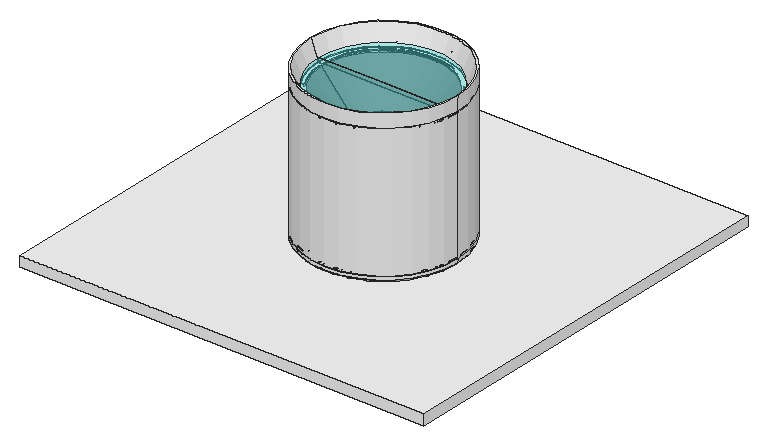
Revit family "BE_24710_de_DE", category Leuchten, Revit 2020
Family settings
  Basisbauteil = Fläche
  Bemaßung runder Anschluss = Durchmesser verwenden
  Teiletyp = Normal
  Beim Laden mit Abzugskörper schneiden = Ja
  Lichtquelle = Ja
  Gemeinsam genutzt = Nein
  Raumberechnungspunkt = Ja
Parameters (values of type "BEGA_24710_Weiß_K4")
  built-in parameter 1150104 = 15.274 (stored number, unit not read)
  Wattage = 17.7 W
  Default Elevation = 0 mm
  built-in parameter 1150113 = 1 (stored number, unit not read)
  built-in parameter 1114218 = 1 (stored number, unit not read)
  Umgebungstemperatur = "25 °C"
  URL = "https://www.bega.com/de/produkt/24710"
  Typenkommentare = "© 2022 BEGA. Wir behalten uns das Recht vor, technische Änderungen ohne vorherige Ankündigung vorzunehmen."  # constant formula
  built-in parameter 1150134 = 12
  built-in parameter 1150109 = 1 (stored number, unit not read)
  Strom = ""
  built-in parameter 1150110 = 1 (stored number, unit not read)
  Spannung = 239.996 V
  Sonderanfertigung = no
  Seriennummer [instance] = "Hier können Sie die eindeutige Seriennummer für das Facility Management eintragen."
  Schutzklasse = "I"
  Schutzart = "IP 65"
  Scheinlast = 0 VA
  Produktdatenblatt = "https://cdn.bega.com/bega/products/24710WK3/current/documents/data-sheets/de"
  Oberflächentemperatur = ""
  Neigungswinkel = 0.00°
  Modell = "24710WK4"
  Material_18 = BEGA_Gummi_schwarz
  Material_17 = BEGA_Reflektor
  Material_15 = BEGA_Leuchtmedium_matt
  Material_11 = BEGA_Glas_opal
  Material_09 = BEGA_Glas_klar
  Material_06 = BEGA_Oberfläche_Edelstahl_gebürstet
  Material_03 = BEGA_Oberfläche_Weiss_matt
  Material_01 [instance] = BEGA_Oberfläche_Grafit_matt
  M_W = yes
  M_G = no
  Logo = 0
  built-in parameter 1114217 = 1 (stored number, unit not read)
  built-in parameter 1150139 = (empty or 0)
  built-in parameter 1150105 = 231.57 (stored number, unit not read)
  built-in parameter 1150114 = 1 (stored number, unit not read)
  Lumens = 2910.06 lm
  built-in parameter 1150115 = 1 (stored number, unit not read)
  Leuchtenlichtstrom = "2081 lm"
  Leuchtenanzahl = ""
  Lebensdauerkriterien = "L70B50 @ 25 °C = 200000 h"
  Lastklassifizierung = Beleuchtung
  built-in parameter 1150112 = 1 (stored number, unit not read)
  Lampenlichtstrom = "2910 lm"
  Lampe = "LED 17.7 W"
  LED_Modulbezeichnung = "LED-1145/840"
  Hersteller = "BEGA"  # constant formula
  Halbstreuwinkel = ""
  Gewicht = "1.9 kg"
  Gebrauchslageneinschränkung [instance] = ""
  Frequenz = "0/50-60 Hz"
  Farbwiedergabeindex = "CRI > 80"
  Farbtemperaturverschiebung bei Dämpfen der Lampe = <Keine Auswahl>
  Farbtemperatur = "4000 K"
  Color Filter = 16777215
  built-in parameter 1150133 = 10 (stored number, unit not read)
  Energieeffizienzklasse = "LED A++ - A"
  built-in parameter 1150137 = (empty or 0)
  built-in parameter 1150132 = (empty or 0)
  ENEC = ""
  Dimmbar [instance] = "DALI"
  Datei für fotometrisches Netz = "BE_24710K4_Flood.ies"
  CE_Konformität = "ja"
  Bestellnummer = "24710WK4"
  Beschreibung_Sonderanfertigung = "Hier können Sie Informationen zur Sonderanfertigung eintragen."
  Beschreibung = "Kompakttiefstrahler mit Zoom-Optik"
  built-in parameter 1150106 = 2.3157 (stored number, unit not read)
  Befestigungsbohrung = "Ø 4,5 mm"
  Befestigungsabstand = "123 mm"
  Ballwurfsicher = ""
  Anschlussleitung = ""
  Anschlussleistung [instance] = "20.5 W"
  Anschlusskasten = ""
  built-in parameter 1150107 = 4000 (stored number, unit not read)
  built-in parameter 1150102 = (empty or 0)
  built-in parameter 1150138 = (empty or 0)
  Aktualisierung = "2022-08-19T04:00:06"
  Abstand_zur_angestrahlten_Fläche [instance] = ""
  AC/DC = "AC/DC"
Types (4, lengths in mm): name | built-in parameter 1150104 | built-in parameter 1150134 | Modell | M_W | M_G | built-in parameter 1150105 | Lumens | Leuchtenlichtstrom | Lampenlichtstrom | LED_Modulbezeichnung | Farbtemperatur | Datei für fotometrisches Netz | Bestellnummer | built-in parameter 1150106 | built-in parameter 1150107
  BEGA_24710_Weiß_K3 | 14.539 (stored number, unit not read) | (empty or 0) | "24710WK3" | yes | no | 220.43 (stored number, unit not read) | 2770.05 lm | "1981 lm" | "2770 lm" | "LED-1145/830" | "3000 K" | "BE_24710K3_Flood.ies" | "24710WK3" | 2.2043 (stored number, unit not read) | 3000 (stored number, unit not read)
  BEGA_24710_Weiß_K4 | 15.274 (stored number, unit not read) | 12 | "24710WK4" | yes | no | 231.57 (stored number, unit not read) | 2910.06 lm | "2081 lm" | "2910 lm" | "LED-1145/840" | "4000 K" | "BE_24710K4_Flood.ies" | "24710WK4" | 2.3157 (stored number, unit not read) | 4000 (stored number, unit not read)
  BEGA_24710_Grafit_K3 | 14.539 (stored number, unit not read) | (empty or 0) | "24710K3" | no | yes | 220.43 (stored number, unit not read) | 2770.05 lm | "1981 lm" | "2770 lm" | "LED-1145/830" | "3000 K" | "BE_24710K3_Flood.ies" | "24710K3" | 2.2043 (stored number, unit not read) | 3000 (stored number, unit not read)
  BEGA_24710_Grafit_K4 | 15.274 (stored number, unit not read) | 12 | "24710K4" | no | yes | 231.57 (stored number, unit not read) | 2910.06 lm | "2081 lm" | "2910 lm" | "LED-1145/840" | "4000 K" | "BE_24710K4_Flood.ies" | "24710K4" | 2.3157 (stored number, unit not read) | 4000 (stored number, unit not read)
Reference planes
  plane 1 "Mitte (Vorne/Hinten)": y = 0
  plane 2: z = 0
  plane 3 "Mitte (Links/Rechts)": x = 0
  plane 4 "Links": x = -73.5
  plane 5 "Rechts": x = 73.5
  plane 6 "Unten": y = -73.5
  plane 7 "Oben": y = 73.5
  plane 8 "Vorne": z = 149.6
  plane 9 "Hinten": z = 0
Forms (mm)
  Extrusion 1, solid, material "BEGA_Platte_Weiss"
    sketch origin (0, -1119.2, 0) x (1, 0, 0) y (0, 1, 0)
      loop
        line (-200, 1319.2) -> (-200, 919.2) -> (200, 919.2) -> (200, 1319.2) -> (-200, 1319.2)
    from 0 to -10
  Extrusion 2, solid, material "BEGA_Dummy_matt", not visible
    sketch origin (77.149, -76.023, 0) x (1, 0, 0) y (0, 1, 0)
      loop
        circle (-77.149, 76.023) r 73.5
    from 0 to 25.379
Dimensions and locks
  plane 1 "Mitte (Vorne/Hinten)" to Extrusion 1 = 200 mm
  aligned and locked: Extrusion 1 to plane 2
  aligned and locked: level to Extrusion 1
Nested families
  nested 1: "BE_24710" at (0, 0, 0), type "BE_24710"
Connectors
  electrical at (0, 0, 0), driven by "Lastklassifizierung", driven by "Spannung", driven by "Scheinlast"
    settings: index 1, voltage 239.996 V, apparent load 0 VA, apparent load phase1 0 VA, apparent load phase2 0 VA, apparent load phase3 0 VA, power factor 1, load classification "Beleuchtung", number of poles 1, system type 31, power factor state 1, is connector primary yes, connector utility no, sub classification motor no, connector description ""
Definition of nested family "BE_24710"
  Parameters (values of type "BE_24710")
    Default Elevation = 1 mm
    URL = "http://www.bega.de/de/produkt"
    Type Comments = "© 2015 BEGA. Wir behalten uns das Recht vor, technische Änderungen ohne vorherige Ankündigung vorzunehmen. "  # constant formula
    Type Image = (empty or 0)
    Material_18 = none
    Material_17 = none
    Material_15 = none
    Material_11 = none
    Material_09 = none
    Material_06 = none
    Material_03 = none
    Material_02 = none
    Material_01 = none
    M_W = yes
    M_G = yes
    M_A = yes
    Länge_Platte = 200 mm  # constant formula
    Höhe_Platte = -10 mm  # constant formula
    Manufacturer = "BEGA"  # constant formula
    Breite_Platte = 200 mm  # constant formula
  Reference planes
    plane 1 "Mitte (Oben/Unten)": y = 0
    plane 2: z = 0
    plane 3 "Mitte (Links/Rechts)": x = 0
    plane 4 "Hinten": z = 0
    plane 5 "Links": x = -73.502
    plane 6 "Oben": y = 73.524
    plane 7 "Unten": y = -73.507
    plane 8: x = 73.5
    plane 9: z = 149.6
  Forms (mm)
    Extrusion 1, solid, detail levels medium
      sketch origin (0, 0, 0) x (1, 0, 0) y (0, 1, 0)
        loop
          line (-100, 100) -> (-100, -100) -> (100, -100) -> (100, 100) -> (-100, 100)
      from 0 to -10 <- "Höhe_Platte"
    Revolve 2, solid, material <- "Material_01", visible <- "M_G"
      sketch origin (0, 0, 0) x (1, 0, 0) y (0, 0, 1)
        loop
          line (-73.5, 136.2) -> (-73.5, 5.65) -> (-72.719, 5.65) -> (-71.5, 9) -> (-71.5, 24.964) -> (-63.501, 24.964) -> (-62.435, 55.5) -> (0, 55.5) -> (0, 60.5) -> (-61.52, 60.5) -> (-63.5, 117.2) -> (-71.5, 117.2) -> (-71.5, 133.2) -> (-72.592, 136.2) -> (-73.5, 136.2)
        axis (0, 5.65) -> (0, 136.2)
      angle from 0 to 360
    Revolve 3, solid, material <- "Material_01"
      sketch origin (0, 0, 0) x (1, 0, 0) y (0, 0, 1)
        loop
          line (-62, 128.35) -> (-62.898, 128.35) -> (-62.798, 125.5) -> (-46.649, 107.565) -> (-45, 60.35) -> (-31.016, 60.35) -> (-30.751, 90.75) -> (-27.323, 90.75) -> (-27.25, 92.85) -> (-29.59, 92.85)
          arc (-29.59, 92.85) -> (-29.995, 92.936) -> (-30.331, 93.178) r 1
          line (-30.331, 93.178) -> (-62, 128.35)
        axis (0, 60.35) -> (0, 128.35)
      angle from 0 to 360
    Revolve 4, solid, material <- "Material_01", visible <- "M_G"
      sketch origin (0, 0, 0) x (1, 0, 0) y (0, 0, 1)
        loop
          line (-73.5, 149.6) -> (-73.5, 136.6) -> (-69.563, 136.6) -> (-68.269, 134.179) -> (-70.5, 132.891) -> (-70.5, 123.75) -> (-68.578, 123.1) -> (-66.359, 123.1) -> (-66.172, 128.6) -> (-62.574, 128.6)
          arc (-62.574, 128.6) -> (-61.879, 128.881) -> (-61.575, 129.565) r 1
          line (-61.575, 129.565) -> (-61.521, 131.1) -> (-63.002, 131.1) -> (-63.002, 130.302) -> (-64.955, 130.302) -> (-65, 131.6) -> (-72, 149.6) -> (-73.5, 149.6)
        axis (0, 123.1) -> (0, 149.6)
      angle from 0 to 360
    Revolve 5, solid, material <- "Material_15"
      sketch origin (0, 0, 0) x (1, 0, 0) y (0, 0, 1)
        loop
          line (-16, 60.5) -> (0, 60.5) -> (0, 62.05) -> (-16, 62.05) -> (-16, 60.5)
        axis (0, 60.5) -> (0, 62.05)
      angle from 0 to 360
    Revolve 6, solid, material <- "Material_09"
      sketch origin (0, 0, 0) x (1, 0, 0) y (0, 0, 1)
        loop
          line (-64.5, 135.3) -> (-64.5, 131.2) -> (0, 131.2) -> (0, 135.3) -> (-64.5, 135.3)
        axis (0, 131.2) -> (0, 135.3)
      angle from 0 to 360
    Revolve 7, solid, material <- "Material_01", visible <- "M_G"
      sketch origin (0, 0, 0) x (1, 0, 0) y (0, 0, 1)
        loop
          line (-66.29, 17) -> (0, 17) -> (0, 20) -> (-70.5, 20) -> (-70.5, 4.9) -> (-73.502, 4.9) -> (-73.502, 1.996) -> (-72.422, 1.996) -> (-72.148, 0.589)
          arc (-72.148, 0.589) -> (-71.897, 0.166) -> (-71.434, 0) r 0.728
          line (-71.434, 0) -> (-66.884, 0) -> (-66.29, 17)
        axis (0, 0) -> (0, 20)
      angle from 0 to 360
    Extrusion 8, solid, material <- "Material_01", visible <- "M_G"
      sketch origin (0, 0, 0) x (1, 0, 0) y (0, 1, 0)
        loop
          circle (-61.5, 0) r 2.233
        loop
          circle (-61.5, 0) r 6.309
        loop
          circle (61.5, 0) r 2.233
        loop
          circle (61.5, 0) r 6.309
      from 0 to 24.964
    Extrusion 9, solid, material <- "Material_03", visible <- "M_W"
      sketch origin (0, 0, 0) x (1, 0, 0) y (0, 1, 0)
        loop
          circle (-61.5, 0) r 2.233
        loop
          circle (-61.5, 0) r 6.309
        loop
          circle (61.5, 0) r 2.233
        loop
          circle (61.5, 0) r 6.309
      from 0 to 24.964
    Extrusion 10, void
      sketch origin (0, 0, 0) x (1, 0, 0) y (0, 1, 0)
        loop
          circle (-20, -46) r 7.197
        loop
          circle (-20, 46) r 7.197
      from 0 to 24.964
    Revolve 11, solid, material <- "Material_01"
      sketch origin (0, 0, 0) x (1, 0, 0) y (0, 0, 1)
        loop
          line (-24.228, 87.378) -> (-26.336, 87.75) -> (-27.5, 87.75) -> (-27.5, 90.75) -> (-30, 90.75) -> (-30, 80.9) -> (-27.5, 80.9) -> (-27.415, 85.75) -> (-24.199, 85.75) -> (-24.228, 87.378)
        axis (0, 90.75) -> (0, 80.9)
      angle from 0 to 360
    Revolve 12, solid, material <- "Material_11"
      sketch origin (0, 0, 0) x (1, 0, 0) y (0, 0, 1)
        loop
          line (-25.95, 85.75) -> (-25.95, 82.75) -> (0, 82.75) -> (0, 106.95)
          arc (0, 106.95) -> (-15.67, 100.504) -> (-24, 85.75) r 25.896
          line (-24, 85.75) -> (-25.95, 85.75)
        axis (0, 106.95) -> (0, 82.75)
      angle from 0 to 360
    Revolve 13, solid, material <- "Material_18"
      sketch origin (0, 0, 0) x (1, 0, 0) y (0, 0, 1)
        loop
          arc (-70.2, 8.65) -> (-71.614, 8.064) -> (-72.2, 6.65) r 2
          arc (-72.2, 6.65) -> (-71.614, 5.236) -> (-70.2, 4.65) r 2
          arc (-70.2, 4.65) -> (-68.2, 6.65) -> (-70.2, 8.65) r 2
        loop
          arc (-72.2, 134.85) -> (-71.614, 133.436) -> (-70.2, 132.85) r 2
          line (-70.2, 132.85) -> (-70.2, 136.85)
          arc (-70.2, 136.85) -> (-71.614, 136.264) -> (-72.2, 134.85) r 2
        axis (0, 136.85) -> (0, 4.65)
      angle from 0 to 360
    Revolve 14, solid, material <- "Material_01", visible <- "M_G"
      sketch origin (0, 0, 0) x (1, 0, 0) y (0, 0, 1)
        loop
          line (-64.5, 131.2) -> (-64.5, 130.4) -> (-60.5, 130.4) -> (-60.5, 131.2) -> (-64.5, 131.2)
        axis (0, 131.2) -> (0, 130.2)
      angle from 0 to 360
    Revolve 15, solid, material <- "Material_03", visible <- "M_W"
      sketch origin (0, 0, 0) x (1, 0, 0) y (0, 0, 1)
        loop
          line (-64.5, 131.2) -> (-64.5, 130.4) -> (-60.5, 130.4) -> (-60.5, 131.2) -> (-64.5, 131.2)
        axis (0, 131.2) -> (0, 130.2)
      angle from 0 to 360
    Revolve 16, solid, material <- "Material_03", visible <- "M_W"
      sketch origin (0, 0, 0) x (1, 0, 0) y (0, 0, 1)
        loop
          line (-73.5, 136.2) -> (-73.5, 5.65) -> (-72.719, 5.65) -> (-71.5, 9) -> (-71.5, 24.964) -> (-63.501, 24.964) -> (-62.435, 55.5) -> (0, 55.5) -> (0, 60.5) -> (-61.52, 60.5) -> (-63.5, 117.2) -> (-71.5, 117.2) -> (-71.5, 133.2) -> (-72.592, 136.2) -> (-73.5, 136.2)
        axis (0, 5.65) -> (0, 136.2)
      angle from 0 to 360
    Revolve 17, solid, material <- "Material_03", visible <- "M_W"
      sketch origin (0, 0, 0) x (1, 0, 0) y (0, 0, 1)
        loop
          line (-73.5, 149.6) -> (-73.5, 136.6) -> (-69.563, 136.6) -> (-68.269, 134.179) -> (-70.5, 132.891) -> (-70.5, 123.75) -> (-68.578, 123.1) -> (-66.359, 123.1) -> (-66.172, 128.6) -> (-62.574, 128.6)
          arc (-62.574, 128.6) -> (-61.879, 128.881) -> (-61.575, 129.565) r 1
          line (-61.575, 129.565) -> (-61.521, 131.1) -> (-63.002, 131.1) -> (-63.002, 130.302) -> (-64.955, 130.302) -> (-65, 131.6) -> (-72, 149.6) -> (-73.5, 149.6)
        axis (0, 123.1) -> (0, 149.6)
      angle from 0 to 360
    Revolve 18, solid, material <- "Material_03", visible <- "M_W"
      sketch origin (0, 0, 0) x (1, 0, 0) y (0, 0, 1)
        loop
          line (-66.29, 17) -> (0, 17) -> (0, 20) -> (-70.5, 20) -> (-70.5, 4.9) -> (-73.502, 4.9) -> (-73.502, 1.996) -> (-72.422, 1.996) -> (-72.148, 0.589)
          arc (-72.148, 0.589) -> (-71.897, 0.166) -> (-71.434, 0) r 0.728
          line (-71.434, 0) -> (-66.884, 0) -> (-66.29, 17)
        axis (0, 0) -> (0, 20)
      angle from 0 to 360
  Cuts and joins
    Extrusion 10 cuts Revolve 7
    Extrusion 10 cuts Extrusion 8
    joined: Revolve 7, Extrusion 8
    Extrusion 10 cuts Extrusion 9
    Extrusion 10 cuts Revolve 2
    Extrusion 10 cuts Revolve 3
    Extrusion 10 cuts Revolve 6
  Dimensions and locks
    equal spacing: Extrusion 1 sketch curve, plane 3 "Mitte (Links/Rechts)", Extrusion 1 sketch curve
    equal spacing: Extrusion 1 sketch curve, plane 1 "Mitte (Oben/Unten)", Extrusion 1 sketch curve
    "Länge_Platte": Extrusion 1 sketch curve to Extrusion 1 sketch curve
    "Breite_Platte": Extrusion 1 sketch curve to Extrusion 1 sketch curve
    aligned and locked: Extrusion 1 to plane 2
    aligned and locked: level to Extrusion 1
  Automatic sketch dimensions
    Revolve 5 sketch curve to plane 3 "Mitte (Links/Rechts)" = 0 mm  (x2)
    Revolve 5 sketch curve to Revolve 5 sketch curve = 16 mm
    Revolve 5 sketch curve to Revolve 5 sketch curve = 0 mm
    level to Revolve 5 sketch curve = 60.5 mm
    Revolve 5 sketch curve to Revolve 5 sketch curve = 1.55 mm
    Revolve 5 sketch curve to Revolve 5 sketch curve = 10.335 mm
    Revolve 5 sketch curve to Revolve 5 sketch curve = 2.718 mm
    Extrusion 8 sketch curve to Extrusion 8 sketch curve = 0 mm  (x4)
    plane 1 "Mitte (Oben/Unten)" to Extrusion 8 sketch curve = 0 mm  (x2)
    plane 5 "Links" to Extrusion 8 sketch curve = 12.002 mm
    Extrusion 8 sketch curve to plane 8 = 12 mm
    Extrusion 9 sketch curve to Extrusion 9 sketch curve = 0 mm  (x4)
    plane 1 "Mitte (Oben/Unten)" to Extrusion 9 sketch curve = 0 mm  (x2)
    plane 5 "Links" to Extrusion 9 sketch curve = 12.002 mm
    Extrusion 9 sketch curve to plane 8 = 12 mm
    Revolve 2 sketch curve to plane 3 "Mitte (Links/Rechts)" = 0 mm  (x2)
    plane 5 "Links" to Revolve 2 sketch curve = 11.982 mm
    Revolve 2 sketch curve to Revolve 2 sketch curve = 0.915 mm
    plane 5 "Links" to Revolve 2 sketch curve = 10.002 mm
    plane 5 "Links" to Revolve 2 sketch curve = 10.001 mm
    plane 5 "Links" to Revolve 2 sketch curve = 2.003 mm  (x2)
    plane 5 "Links" to Revolve 2 sketch curve = 0.911 mm
    plane 5 "Links" to Revolve 2 sketch curve = 0.783 mm
    plane 5 "Links" to Revolve 2 sketch curve = 0.003 mm
    level to Revolve 2 sketch curve = 5.65 mm
    Revolve 2 sketch curve to Revolve 2 sketch curve = 3.35 mm
    Revolve 2 sketch curve to Revolve 2 sketch curve = 15.964 mm
    level to Revolve 2 sketch curve = 55.5 mm
    Revolve 2 sketch curve to Revolve 2 sketch curve = 5 mm
    Revolve 2 sketch curve to Revolve 2 sketch curve = 16 mm
    Revolve 2 sketch curve to Revolve 2 sketch curve = 3 mm
    Revolve 2 sketch curve to Revolve 2 sketch curve = 38.059 mm
    Revolve 2 sketch curve to Revolve 2 sketch curve = 10 mm
    Revolve 4 sketch curve to plane 3 "Mitte (Links/Rechts)" = 0 mm
    plane 5 "Links" to Revolve 4 sketch curve = 11.982 mm
    Revolve 4 sketch curve to Revolve 4 sketch curve = 0.054 mm
    Revolve 4 sketch curve to Revolve 4 sketch curve = 0.999 mm
    Revolve 4 sketch curve to Revolve 4 sketch curve = 1.172 mm
    Revolve 4 sketch curve to Revolve 4 sketch curve = 0.187 mm
    Revolve 4 sketch curve to Revolve 4 sketch curve = 3.269 mm
    Revolve 4 sketch curve to Revolve 4 sketch curve = 2.219 mm
    Revolve 4 sketch curve to Revolve 4 sketch curve = 1.294 mm
    Revolve 4 sketch curve to Revolve 4 sketch curve = 1.922 mm
    plane 5 "Links" to Revolve 4 sketch curve = 1.502 mm
    plane 5 "Links" to Revolve 4 sketch curve = 0.003 mm
    Revolve 4 sketch curve to Revolve 4 sketch curve = 13 mm
    Revolve 4 sketch curve to Revolve 4 sketch curve = 2.421 mm
    Revolve 4 sketch curve to Revolve 4 sketch curve = 1.288 mm
    Revolve 4 sketch curve to Revolve 4 sketch curve = 2.579 mm
    Revolve 4 sketch curve to Revolve 4 sketch curve = 0.5 mm
    Revolve 4 sketch curve to Revolve 4 sketch curve = 0.035 mm
    Revolve 4 sketch curve to Revolve 4 sketch curve = 4.85 mm
    Revolve 4 sketch curve to Revolve 4 sketch curve = 0.65 mm
    Revolve 4 sketch curve to Revolve 4 sketch curve = 0.045 mm
    Revolve 4 sketch curve to Revolve 4 sketch curve = 1.998 mm
    Revolve 4 sketch curve to Revolve 4 sketch curve = 10 mm
    Revolve 4 sketch curve to Revolve 4 sketch curve = 0.702 mm
    Revolve 4 sketch curve to Revolve 4 sketch curve = 0.428 mm
    Revolve 4 sketch curve to Revolve 4 sketch curve = 1.298 mm
    Revolve 7 sketch curve to plane 5 "Links" = 0 mm
    Revolve 7 sketch curve to level = 0 mm
    Revolve 7 sketch curve to plane 3 "Mitte (Links/Rechts)" = 0 mm  (x2)
    plane 5 "Links" to Revolve 7 sketch curve = 1.081 mm
    level to Revolve 7 sketch curve = 0.589 mm
    plane 5 "Links" to Revolve 7 sketch curve = 1.354 mm
    Revolve 7 sketch curve to Revolve 7 sketch curve = 0.715 mm
    plane 5 "Links" to Revolve 7 sketch curve = 3.003 mm
    Revolve 7 sketch curve to Revolve 7 sketch curve = 4.55 mm
    Revolve 7 sketch curve to Revolve 7 sketch curve = 4.21 mm
    Revolve 7 sketch curve to Revolve 7 sketch curve = 1.407 mm
    Revolve 7 sketch curve to Revolve 7 sketch curve = 2.904 mm
    level to Revolve 7 sketch curve = 17 mm
    Revolve 7 sketch curve to Revolve 7 sketch curve = 3 mm
    Revolve 7 sketch curve to Revolve 7 sketch curve = 7.056 mm
    Revolve 7 sketch curve to Revolve 7 sketch curve = 11.305 mm
    Revolve 3 sketch curve to plane 3 "Mitte (Links/Rechts)" = 0 mm
    Revolve 3 sketch curve to plane 3 "Mitte (Links/Rechts)" = 27.25 mm
    Revolve 3 sketch curve to Revolve 3 sketch curve = 0.073 mm
    Revolve 3 sketch curve to Revolve 3 sketch curve = 2.34 mm
    Revolve 3 sketch curve to Revolve 3 sketch curve = 0.74 mm
    Revolve 3 sketch curve to Revolve 3 sketch curve = 1.16 mm
    Revolve 3 sketch curve to Revolve 3 sketch curve = 0.266 mm
    Revolve 3 sketch curve to Revolve 3 sketch curve = 13.984 mm
    plane 5 "Links" to Revolve 3 sketch curve = 11.502 mm
    level to Revolve 3 sketch curve = 60.35 mm
    Revolve 3 sketch curve to Revolve 3 sketch curve = 30.4 mm
    Revolve 3 sketch curve to Revolve 3 sketch curve = 2.1 mm
    Revolve 3 sketch curve to Revolve 3 sketch curve = 0.328 mm
    Revolve 3 sketch curve to Revolve 3 sketch curve = 16.318 mm
    Revolve 3 sketch curve to Revolve 3 sketch curve = 0.798 mm
    Revolve 3 sketch curve to Revolve 3 sketch curve = 0.898 mm
    Revolve 3 sketch curve to Revolve 3 sketch curve = 9.209 mm
    Revolve 3 sketch curve to Revolve 3 sketch curve = 5 mm
    Revolve 3 sketch curve to Revolve 3 sketch curve = 14.387 mm
    Revolve 3 sketch curve to Revolve 3 sketch curve = 2.85 mm
    Revolve 11 sketch curve to plane 3 "Mitte (Links/Rechts)" = 24.228 mm
    Revolve 11 sketch curve to Revolve 11 sketch curve = 2.108 mm
    Revolve 11 sketch curve to Revolve 11 sketch curve = 0.028 mm
    Revolve 11 sketch curve to Revolve 11 sketch curve = 1.628 mm
    Revolve 11 sketch curve to Revolve 11 sketch curve = 0.372 mm
    Revolve 11 sketch curve to Revolve 11 sketch curve = 1.164 mm
    Revolve 11 sketch curve to Revolve 11 sketch curve = 3 mm
    Revolve 11 sketch curve to Revolve 11 sketch curve = 2.5 mm  (x2)
    Revolve 11 sketch curve to Revolve 11 sketch curve = 6.85 mm
    Revolve 11 sketch curve to Revolve 11 sketch curve = 0.085 mm
    Revolve 12 sketch curve to plane 3 "Mitte (Links/Rechts)" = 0 mm  (x2)
    Revolve 12 sketch curve to plane 3 "Mitte (Links/Rechts)" = 25.95 mm
    Revolve 12 sketch curve to Revolve 12 sketch curve = 1.654 mm
    Revolve 12 sketch curve to Revolve 12 sketch curve = 3 mm
    Revolve 12 sketch curve to Revolve 12 sketch curve = 1.95 mm
    Revolve 12 sketch curve to Revolve 12 sketch curve = 1.474 mm
    Revolve 13 sketch curve to Revolve 13 sketch curve = 0 mm  (x15)
    plane 5 "Links" to Revolve 13 sketch curve = 3.302 mm  (x2)
    level to Revolve 13 sketch curve = 6.65 mm
    plane 5 "Links" to Revolve 13 sketch curve = 1.302 mm  (x2)
    Revolve 6 sketch curve to plane 3 "Mitte (Links/Rechts)" = 0 mm  (x2)
    plane 5 "Links" to Revolve 6 sketch curve = 9.003 mm
    Revolve 6 sketch curve to Revolve 6 sketch curve = 4.1 mm
    Revolve 6 sketch curve to Revolve 6 sketch curve = 17.052 mm
    plane 5 "Links" to Revolve 14 sketch curve = 9.003 mm
    Revolve 14 sketch curve to Revolve 14 sketch curve = 4 mm
    Revolve 14 sketch curve to Revolve 14 sketch curve = 0.8 mm
    Revolve 15 sketch curve to plane 3 "Mitte (Links/Rechts)" = 0 mm
    plane 5 "Links" to Revolve 15 sketch curve = 13.003 mm
    Revolve 15 sketch curve to Revolve 15 sketch curve = 4 mm
    Revolve 15 sketch curve to Revolve 15 sketch curve = 0.8 mm
    Revolve 15 sketch curve to plane 4 "Hinten" = 38.769 mm
    Revolve 2 sketch curve to Revolve 2 sketch curve = 56.7 mm
    Revolve 3 sketch curve to Revolve 3 sketch curve = 17.936 mm
    level to Revolve 4 sketch curve = 123.1 mm
    Revolve 4 sketch curve to Revolve 4 sketch curve = 21.1 mm
    level to Revolve 6 sketch curve = 131.2 mm
    Revolve 6 sketch curve to Revolve 6 sketch curve = 20.5 mm
    Revolve 11 sketch curve to plane 3 "Mitte (Links/Rechts)" = 0 mm
    level to Revolve 11 sketch curve = 80.9 mm
    Revolve 11 sketch curve to plane 4 "Hinten" = 38.769 mm
    Revolve 11 sketch curve to Revolve 11 sketch curve = 114.79 mm
    level to Revolve 12 sketch curve = 81.096 mm
    Revolve 12 sketch curve to plane 4 "Hinten" = 38.769 mm
    Revolve 12 sketch curve to Revolve 12 sketch curve = 98.59 mm
    Revolve 13 sketch curve to plane 3 "Mitte (Links/Rechts)" = 0 mm
    Revolve 13 sketch curve to Revolve 13 sketch curve = 124.2 mm
    Revolve 13 sketch curve to plane 4 "Hinten" = 38.769 mm
    Revolve 13 sketch curve to Revolve 13 sketch curve = 68.69 mm
    Revolve 14 sketch curve to plane 3 "Mitte (Links/Rechts)" = 0 mm
    level to Revolve 14 sketch curve = 130.4 mm
    Revolve 14 sketch curve to plane 4 "Hinten" = 38.769 mm
    Revolve 14 sketch curve to Revolve 14 sketch curve = 74.34 mm
    level to Revolve 15 sketch curve = 130.4 mm
    Revolve 15 sketch curve to Revolve 15 sketch curve = 74.34 mm
    Revolve 16 sketch curve to plane 3 "Mitte (Links/Rechts)" = 0 mm  (x2)
    plane 5 "Links" to Revolve 16 sketch curve = 11.982 mm
    Revolve 16 sketch curve to Revolve 16 sketch curve = 0.915 mm
    plane 5 "Links" to Revolve 16 sketch curve = 10.002 mm
    plane 5 "Links" to Revolve 16 sketch curve = 10.001 mm
    plane 5 "Links" to Revolve 16 sketch curve = 2.003 mm  (x2)
    plane 5 "Links" to Revolve 16 sketch curve = 0.911 mm
    plane 5 "Links" to Revolve 16 sketch curve = 0.783 mm
    plane 5 "Links" to Revolve 16 sketch curve = 0.003 mm
    level to Revolve 16 sketch curve = 5.65 mm
    Revolve 16 sketch curve to Revolve 16 sketch curve = 3.35 mm
    Revolve 16 sketch curve to Revolve 16 sketch curve = 15.964 mm
    level to Revolve 16 sketch curve = 55.5 mm
    Revolve 16 sketch curve to Revolve 16 sketch curve = 5 mm
    Revolve 16 sketch curve to plane 9 = 32.4 mm
    Revolve 16 sketch curve to Revolve 16 sketch curve = 16 mm
    Revolve 16 sketch curve to Revolve 16 sketch curve = 3 mm
    Revolve 16 sketch curve to Revolve 16 sketch curve = 38.059 mm
    Revolve 16 sketch curve to Revolve 16 sketch curve = 10 mm
    Revolve 17 sketch curve to plane 9 = 0 mm
    Revolve 17 sketch curve to plane 3 "Mitte (Links/Rechts)" = 0 mm
    plane 5 "Links" to Revolve 17 sketch curve = 11.982 mm
    Revolve 17 sketch curve to Revolve 17 sketch curve = 0.054 mm
    Revolve 17 sketch curve to Revolve 17 sketch curve = 0.999 mm
    Revolve 17 sketch curve to Revolve 17 sketch curve = 1.481 mm
    Revolve 17 sketch curve to Revolve 17 sketch curve = 1.952 mm
    Revolve 17 sketch curve to Revolve 17 sketch curve = 0.045 mm
    Revolve 17 sketch curve to Revolve 17 sketch curve = 1.217 mm
    Revolve 17 sketch curve to Revolve 17 sketch curve = 0.187 mm
    Revolve 17 sketch curve to Revolve 17 sketch curve = 3.269 mm
    Revolve 17 sketch curve to Revolve 17 sketch curve = 2.219 mm
    Revolve 17 sketch curve to Revolve 17 sketch curve = 1.294 mm
    Revolve 17 sketch curve to Revolve 17 sketch curve = 1.922 mm
    plane 5 "Links" to Revolve 17 sketch curve = 1.502 mm
    plane 5 "Links" to Revolve 17 sketch curve = 0.003 mm
    Revolve 17 sketch curve to plane 9 = 13 mm
    Revolve 17 sketch curve to Revolve 17 sketch curve = 2.421 mm
    Revolve 17 sketch curve to Revolve 17 sketch curve = 1.288 mm
    Revolve 17 sketch curve to Revolve 17 sketch curve = 2.579 mm
    Revolve 17 sketch curve to Revolve 17 sketch curve = 0.5 mm
    Revolve 17 sketch curve to Revolve 17 sketch curve = 1.298 mm
    Revolve 17 sketch curve to Revolve 17 sketch curve = 0.702 mm
    Revolve 17 sketch curve to Revolve 17 sketch curve = 0.035 mm
    Revolve 17 sketch curve to Revolve 17 sketch curve = 4.85 mm
    Revolve 17 sketch curve to Revolve 17 sketch curve = 0.65 mm
    plane 9 to Revolve 17 sketch curve = 2.601 mm
    Revolve 17 sketch curve to Revolve 17 sketch curve = 10 mm
    Revolve 18 sketch curve to plane 5 "Links" = 0 mm
    Revolve 18 sketch curve to level = 0 mm
    Revolve 18 sketch curve to plane 3 "Mitte (Links/Rechts)" = 0 mm  (x2)
    Revolve 18 sketch curve to Revolve 18 sketch curve = 1.081 mm
    level to Revolve 18 sketch curve = 0.589 mm
    plane 5 "Links" to Revolve 18 sketch curve = 1.354 mm
    Revolve 18 sketch curve to Revolve 18 sketch curve = 0.715 mm
    Revolve 18 sketch curve to Revolve 18 sketch curve = 3.003 mm
    Revolve 18 sketch curve to Revolve 18 sketch curve = 4.55 mm
    Revolve 18 sketch curve to Revolve 18 sketch curve = 4.21 mm
    Revolve 18 sketch curve to Revolve 18 sketch curve = 1.407 mm
    Revolve 18 sketch curve to Revolve 18 sketch curve = 2.904 mm
    level to Revolve 18 sketch curve = 17 mm
    Revolve 18 sketch curve to Revolve 18 sketch curve = 3 mm
    Revolve 18 sketch curve to Revolve 18 sketch curve = 7.056 mm
    Revolve 18 sketch curve to Revolve 18 sketch curve = 11.305 mm
    radius of Extrusion 8 sketch curve = 2.233 mm  (x2)
    radius of Extrusion 8 sketch curve = 6.309 mm  (x2)
    radius of Extrusion 9 sketch curve = 2.233 mm  (x2)
    radius of Extrusion 9 sketch curve = 6.309 mm  (x2)
